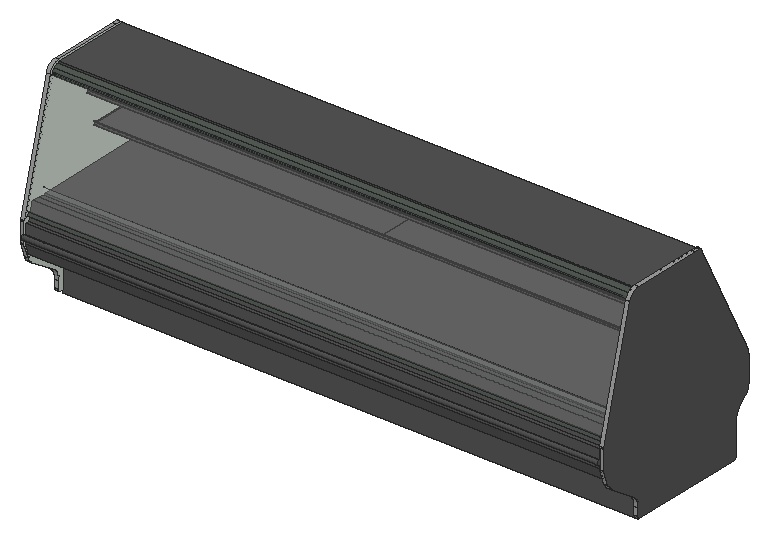
Revit family "ESBDVS_2014", category Specialty Equipment, Revit 2014 (continued)
Connectors (in)
  piping at (-5.05699, -26.25, 15.21482), diameter 1.5, driven by "Waste Drain"
    settings: on Extrusion 1, index 8, connector inside diameter 1 1/4", connector length 0", flow factor 0, pipe flow 0 GPM, pressure drop 0.00 psi, fitting loss kfactor 0, connector angle 0.00°, fixture units 0, engagement length 0", angle of deflection 0.00°, flow configuration 0, flow direction 0, fitting loss method 0, system type 16, joint type 0, gender type 0, connector reference index -1, connector utility 0, adjustable connector no, is connector primary yes, connector description "1 1/4\""
  piping at (58.50551, -29.375, 0), diameter 0.875, driven by "Refrig. Suction", driven by "Refrigeration Lines Suction"
    settings: on Extrusion 2, index 9, connector inside diameter 7/8", connector length 0", flow factor 0, pipe flow 0 GPM, pressure drop 0.00 psi, fitting loss kfactor 0, connector angle 0.00°, fixture units 0, engagement length 0", angle of deflection 0.00°, flow configuration 0, flow direction 2, fitting loss method 0, system type 22, joint type 0, gender type 0, connector reference index -1, connector utility 0, adjustable connector no, is connector primary no, connector description "Suction"
  piping at (59.13051, -29.375, 0), diameter 0.375, driven by "Refrig. Liquid", driven by "Refrigeration Lines Liquid"
    settings: on Extrusion 3, index 10, connector inside diameter 3/8", connector length 0", flow factor 0, pipe flow 0 GPM, pressure drop 0.00 psi, fitting loss kfactor 0, connector angle 0.00°, fixture units 0, engagement length 0", angle of deflection 0.00°, flow configuration 0, flow direction 1, fitting loss method 0, system type 22, joint type 0, gender type 0, connector reference index -1, connector utility 0, adjustable connector no, is connector primary no, connector description "Liquid"
Definition of nested family "Floor Support - E Series"
  Parameters (values of type "Floor Support - E Series")
    Width = 4"
    URL = "www.hussmann.com"
    Type Comments = ""
    Revit Family Date = "5/12/2016"
    Model = ""
    Manufacturer = "Hussmann Corporation"
    Height = 15.4495"
    Floor Support = none
    Description = ""
    Depth = 26.382"
    Assembly Code = ""
    Accessories/Options = ""
  Reference planes (in)
    plane 1 "Back": y = -2.993
    plane 2 "Bottom": z = 0
    plane 3 "Top": z = 15.4495
    plane 4 "Front": y = -29.375
    plane 5 "Center (Left/Right)": x = -0.61949
    plane 6 "Left": x = -2.61949
    plane 7 "Right": x = 1.38051
  Forms (in)
    Extrusion 1, solid, material <- "Floor Support"
      sketch origin (0, 0, 0) x (1, 0, 0) y (0, 1, 0)
        loop
          line (-2.61949, -6.062) -> (-2.61949, -6.187) -> (-1.74449, -6.187) -> (-1.74449, -3.118) -> (0.50551, -3.118) -> (0.50551, -6.187) -> (1.38051, -6.187) -> (1.38051, -6.062) -> (0.63051, -6.062) -> (0.63051, -2.993) -> (-1.86949, -2.993) -> (-1.86949, -6.062) -> (-2.61949, -6.062)
        loop
          line (-2.61949, -26.306) -> (-1.86949, -26.306) -> (-1.86949, -29.375) -> (0.63051, -29.375) -> (0.63051, -26.306) -> (1.38051, -26.306) -> (1.38051, -26.181) -> (0.50551, -26.181) -> (0.50551, -29.25) -> (-1.74449, -29.25) -> (-1.74449, -26.181) -> (-2.61949, -26.181) -> (-2.61949, -26.306)
      from 0.6875 to 15.4495
    Extrusion 2, solid, material <- "Floor Support"
      sketch origin (0, 0, 0) x (1, 0, 0) y (0, 1, 0)
        loop
          circle (-0.61949, -3.519) r 0.3125
        loop
          circle (-0.61949, -28.592) r 0.3125
      from 0 to 0.5625
    Extrusion 3, solid, material <- "Floor Support"
      sketch origin (0, 0, 0) x (1, 0, 0) y (0, 1, 0)
        loop
          circle (-0.61949, -28.592) r 0.5
        loop
          circle (-0.61949, -3.519) r 0.5
      from 0.5625 to 0.6875
    Extrusion 4, solid, material <- "Floor Support"
      sketch origin (0, 0, 0) x (1, 0, 0) y (0, 1, 0)
        loop
          line (-1.74449, -3.118) -> (-1.74449, -29.25) -> (0.50551, -29.25) -> (0.50551, -3.118) -> (-1.74449, -3.118)
      from 12.56949 to 15.4495
  Dimensions and locks (in)
    "Depth": plane 4 "Front" to plane 1 "Back"
    "Height": plane 3 "Top" to level
    equal spacing: plane 6 "Left", plane 5 "Center (Left/Right)", plane 7 "Right"
    "Width": plane 6 "Left" to plane 7 "Right"
    aligned and locked: Extrusion 4 to plane 3 "Top"
    aligned and locked: Extrusion 1 to plane 3 "Top"
  Automatic sketch dimensions
    plane 1 "Back" to Extrusion 1 sketch curve = 0"
    Extrusion 1 sketch curve to Extrusion 1 sketch curve = 1/8"  (x9)
    plane 1 "Back" to Extrusion 1 sketch curve = 1/8"
    Extrusion 1 sketch curve to Extrusion 1 sketch curve = 0"  (x2)
    Extrusion 1 sketch curve to plane 6 "Left" = 0"  (x2)
    plane 6 "Left" to Extrusion 1 sketch curve = 3/4"  (x2)
    Extrusion 1 sketch curve to plane 7 "Right" = 0"  (x2)
    Extrusion 1 sketch curve to plane 7 "Right" = 7/8"
    Extrusion 1 sketch curve to Extrusion 1 sketch curve = 7/8"
    Extrusion 3 sketch curve to plane 5 "Center (Left/Right)" = 0"  (x2)
    plane 4 "Front" to Extrusion 4 sketch curve = 1/8"
    plane 6 "Left" to Extrusion 4 sketch curve = 7/8"
    Extrusion 4 sketch curve to plane 7 "Right" = 7/8"
    plane 1 "Back" to Extrusion 4 sketch curve = 1/8"
    Extrusion 1 sketch curve to plane 4 "Front" = 0"
    Extrusion 1 sketch curve to Extrusion 1 sketch curve = 2.944"
    plane 4 "Front" to Extrusion 3 sketch curve = 0.783"
    Extrusion 1 sketch curve to Extrusion 1 sketch curve = 3.069"
    plane 1 "Back" to Extrusion 3 sketch curve = 0.526"
    radius of Extrusion 3 sketch curve = 1/2"  (x2)
Definition of nested family "Service Doors - 117deg - 48"
  Parameters (values of type "Service Doors - 117deg - 48")
    Glazing = Glass
    Door Frame = none
  Reference planes (in)
    plane 1 "Center (Front/Back)": y = 25.29918
    plane 2: z = 0
    plane 3 "Center (Left/Right)": x = 0
  Forms (in)
    Sweep 1, solid, material <- "Door Frame"
      path in 3D
        loop
          line (48, 12.47395, 49.89806) -> (0, 12.47395, 49.89806) -> (0, 25.29918, 24.72713) -> (48, 25.29918, 24.72713) -> (48, 12.47395, 49.89806)
      profile origin (24, 12.47395, 49.89806) x (0, -0.999433, -0.03367) y (0, -0.03367, 0.999433)
        loop
          line (0.21162, -0.099) -> (0, 0) -> (-0.6356, -1.35868) -> (1.40139, -2.3116) -> (1.82513, -1.40581) -> (0.01501, -0.55903) -> (0.21162, -0.099)
    Extrusion 2, solid, material <- "Door Frame"
      sketch origin (1.5, 11.15118, 47.54059) x (0, 0.45399, -0.891007) y (0, 0.891007, 0.45399)
        loop
          line (0, 0.25) -> (25.25, 0.25) -> (25.25, 1.0625) -> (0, 1.0625) -> (0, 0.25)
      from 0 to 23
    Extrusion 3, solid, material <- "Door Frame"
      sketch origin (46.5, 22.61444, 25.04267) x (0, -0.45399, 0.891007) y (0, 0.891007, 0.45399)
        loop
          line (25.25, 1.875) -> (0, 1.875) -> (0, 1.0625) -> (25.25, 1.0625) -> (25.25, 1.875)
      from 0 to 23
    Extrusion 4, void
      sketch origin (46.5, 13.11976, 47.80708) x (0, -0.45399, 0.891007) y (-1, 0, 0)
        loop
          line (-23.09373, 21.5) -> (-23.09373, 1.5) -> (-0.84373, 1.5) -> (-0.84373, 21.5) -> (-23.09373, 21.5)
      from 0 to 0.8125
    Extrusion 5, void
      sketch origin (1.5, 11.1405, 48.11223) x (0, -0.45399, 0.891007) y (1, 0, 0)
        loop
          line (-2.01418, 21.5) -> (-24.26418, 21.5) -> (-24.26418, 1.5) -> (-2.01418, 1.5) -> (-2.01418, 21.5)
      from 0 to 0.8125
    Extrusion 6, solid, material "Glass" <- "Glazing"
      sketch origin (25, 24.28508, 25.8939) x (0, -0.45399, 0.891007) y (0, -0.891007, -0.45399)
        loop
          line (1.5, 0.1875) -> (25.25, 0.1875) -> (25.25, 0.625) -> (1.5, 0.625) -> (1.5, 0.1875)
      from 0 to 20
    Extrusion 7, solid, material "Glass" <- "Glazing"
      sketch origin (23, 11.37393, 47.65408) x (0, 0.45399, -0.891007) y (0, -0.891007, -0.45399)
        loop
          line (1.5, -0.625) -> (25.25, -0.625) -> (25.25, -0.1875) -> (1.5, -0.1875) -> (1.5, -0.625)
      from 0 to 20
  Cuts and joins
    Extrusion 4 cuts Extrusion 3
    Extrusion 5 cuts Extrusion 2
  Lines and regions (in)
    sketch lines
      curve 1: line (48, 25.29918, 24.72713) -> (48, 12.47395, 49.89806)
      curve 2: line (0, 12.47395, 49.89806) -> (0, 25.29918, 24.72713)
      curve 3: line (48, 12.47395, 49.89806) -> (0, 12.47395, 49.89806)
      curve 4: line (48, 25.29918, 24.72713) -> (0, 25.29918, 24.72713)
  Dimensions and locks (in)
    Extrusion 2 to Extrusion 3 = 45"
    plane 3 "Center (Left/Right)" to Sweep 1 = 48"
    Sweep 1 to Sweep 1 = 1 1/2"
    locked: cut or joined group of Extrusion 3, Extrusion 4 to Extrusion 4 sketch curve at 1.5
    locked: Extrusion 5 sketch curve to cut or joined group of Extrusion 2, Extrusion 5 at 1.5
    Sweep 1 to Sweep 1 = 28 1/4"
    locked: cut or joined group of Extrusion 2, Extrusion 5 to Extrusion 5 sketch curve at 1.5  (x2)
    locked: Sweep 1 to Extrusion 5 sketch curve at 1.5
    locked: Extrusion 4 sketch curve to Sweep 1 at 1.5  (x3)
    Sweep 1 to Sweep 1 = 45"
    angle level to Sweep 1 = 117.00°
    aligned and locked: plane 2 to level
    aligned and locked: Extrusion 3 to Sweep 1  (x3)
    aligned and locked: Extrusion 2 to Sweep 1
    aligned and locked: Extrusion 6 to cut or joined group of Extrusion 3, Extrusion 4
    aligned and locked: cut or joined group of Extrusion 3, Extrusion 4 to Extrusion 6
    aligned and locked: cut or joined group of Extrusion 2, Extrusion 5 to Extrusion 7
    aligned and locked: plane 1 "Center (Front/Back)" to Sweep 1
    aligned and locked: Sweep 1 to Extrusion 2 sketch curve  (x2)
    aligned and locked: cut or joined group of Extrusion 2, Extrusion 5 to Extrusion 7 sketch curve
    aligned and locked: Extrusion 7 sketch curve to Sweep 1
    aligned and locked: Sweep 1 to Extrusion 3 sketch curve  (x2)
    aligned and locked: Extrusion 6 sketch curve to Sweep 1
    aligned and locked: Extrusion 6 sketch curve to cut or joined group of Extrusion 3, Extrusion 4
Definition of nested family "Service Doors - 117deg - 72"
  Parameters (values of type "Service Doors - 117deg - 72")
    Glazing = none
    Door Frame = none
  Reference planes (in)
    plane 1 "Center (Front/Back)": y = 25.29918
    plane 2: z = 0
    plane 3 "Center (Left/Right)": x = 0
  Forms (in)
    Sweep 1, solid, material <- "Door Frame"
      path in 3D
        loop
          line (72, 12.47395, 49.89806) -> (0, 12.47395, 49.89806) -> (0, 25.29918, 24.72713) -> (72, 25.29918, 24.72713) -> (72, 12.47395, 49.89806)
      profile origin (36, 12.47395, 49.89806) x (0, -0.999433, -0.03367) y (0, -0.03367, 0.999433)
        loop
          line (0.21162, -0.099) -> (0, 0) -> (-0.6356, -1.35868) -> (1.40139, -2.3116) -> (1.82513, -1.40581) -> (0.01501, -0.55903) -> (0.21162, -0.099)
    Extrusion 2, solid, material <- "Door Frame"
      sketch origin (1.5, 11.15118, 47.54059) x (0, 0.45399, -0.891007) y (0, 0.891007, 0.45399)
        loop
          line (0, 0.25) -> (25.25, 0.25) -> (25.25, 1.0625) -> (0, 1.0625) -> (0, 0.25)
      from 0 to 35
    Extrusion 3, solid, material <- "Door Frame"
      sketch origin (70.5, 22.61444, 25.04267) x (0, -0.45399, 0.891007) y (0, 0.891007, 0.45399)
        loop
          line (25.25, 1.875) -> (0, 1.875) -> (0, 1.0625) -> (25.25, 1.0625) -> (25.25, 1.875)
      from 0 to 35
    Extrusion 4, void
      sketch origin (70.5, 13.11976, 47.80708) x (0, -0.45399, 0.891007) y (-1, 0, 0)
        loop
          line (-23.09373, 33.5) -> (-23.09373, 1.5) -> (-0.84373, 1.5) -> (-0.84373, 33.5) -> (-23.09373, 33.5)
      from 0 to 0.8125
    Extrusion 5, void
      sketch origin (1.5, 11.1405, 48.11223) x (0, -0.45399, 0.891007) y (1, 0, 0)
        loop
          line (-2.01418, 33.5) -> (-24.26418, 33.5) -> (-24.26418, 1.5) -> (-2.01418, 1.5) -> (-2.01418, 33.5)
      from 0 to 0.8125
    Extrusion 6, solid, material <- "Glazing"
      sketch origin (37, 24.28508, 25.8939) x (0, -0.45399, 0.891007) y (0, -0.891007, -0.45399)
        loop
          line (1.5, 0.1875) -> (25.25, 0.1875) -> (25.25, 0.625) -> (1.5, 0.625) -> (1.5, 0.1875)
      from 0 to 32
    Extrusion 7, solid, material <- "Glazing"
      sketch origin (35, 11.37393, 47.65408) x (0, 0.45399, -0.891007) y (0, -0.891007, -0.45399)
        loop
          line (1.5, -0.625) -> (25.25, -0.625) -> (25.25, -0.1875) -> (1.5, -0.1875) -> (1.5, -0.625)
      from 0 to 32
  Cuts and joins
    Extrusion 4 cuts Extrusion 3
    Extrusion 5 cuts Extrusion 2
  Lines and regions (in)
    sketch lines
      curve 1: line (72, 25.29918, 24.72713) -> (72, 12.47395, 49.89806)
      curve 2: line (0, 12.47395, 49.89806) -> (0, 25.29918, 24.72713)
      curve 3: line (72, 12.47395, 49.89806) -> (0, 12.47395, 49.89806)
      curve 4: line (72, 25.29918, 24.72713) -> (0, 25.29918, 24.72713)
  Dimensions and locks (in)
    Extrusion 2 to Extrusion 3 = 69"
    plane 3 "Center (Left/Right)" to Sweep 1 = 72"
    Sweep 1 to Sweep 1 = 1 1/2"
    locked: cut or joined group of Extrusion 3, Extrusion 4 to Extrusion 4 sketch curve at 1.5
    locked: Extrusion 5 sketch curve to cut or joined group of Extrusion 2, Extrusion 5 at 1.5
    Sweep 1 to Sweep 1 = 28 1/4"
    locked: cut or joined group of Extrusion 2, Extrusion 5 to Extrusion 5 sketch curve at 1.5  (x2)
    locked: Sweep 1 to Extrusion 5 sketch curve at 1.5
    locked: Extrusion 4 sketch curve to Sweep 1 at 1.5  (x3)
    Sweep 1 to Sweep 1 = 69"
    angle level to Sweep 1 = 117.00°
    aligned and locked: plane 2 to level
    aligned and locked: Extrusion 3 to Sweep 1  (x3)
    aligned and locked: Extrusion 2 to Sweep 1
    aligned and locked: Extrusion 6 to cut or joined group of Extrusion 3, Extrusion 4
    aligned and locked: cut or joined group of Extrusion 3, Extrusion 4 to Extrusion 6
    aligned and locked: cut or joined group of Extrusion 2, Extrusion 5 to Extrusion 7
    aligned and locked: plane 1 "Center (Front/Back)" to Sweep 1
    aligned and locked: Sweep 1 to Extrusion 2 sketch curve  (x2)
    aligned and locked: cut or joined group of Extrusion 2, Extrusion 5 to Extrusion 7 sketch curve
    aligned and locked: Extrusion 7 sketch curve to Sweep 1
    aligned and locked: Sweep 1 to Extrusion 3 sketch curve  (x2)
    aligned and locked: Extrusion 6 sketch curve to Sweep 1
    aligned and locked: Extrusion 6 sketch curve to cut or joined group of Extrusion 3, Extrusion 4
Definition of nested family "Shelf - E Series"
  Parameters (values of type "18"")
    Width = 1/4"
    Shelf Bracket = Sheet Metal (Steel Painted) - 701 Black
    Height = 4.89591"
    Depth = 18"
  Types (5): name | Depth
    18" | 18"
    12" | 12"
    16" | 16"
    22" | 22"
    14" | 14"
  Reference planes (in)
    plane 1 "Back": y = 0
    plane 2: z = 0
    plane 3 "Left": x = 0
    plane 4 "Front": y = -18
    plane 5 "Right": x = 0.25
    plane 6: z = 4.89591
    plane 7 "Center (Left/Right)": x = 0.125
  Forms (in)
    Extrusion 1, solid, material "Sheet Metal (Steel Painted) - 701 Black" <- "Shelf Bracket"
      sketch origin (0, 0, 0) x (0, 1, 0) y (0, 0, 1)
        loop
          line (0.07326, 0.26836) -> (0.18143, 0.26875)
          arc (0.18143, 0.26875) -> (0.3025, 0.36199) -> (0.24317, 0.50282) r 0.12517
          line (0.24317, 0.50282) -> (-0.04494, 0.66605)
          arc (-0.04494, 0.66605) -> (-0.07187, 0.69679) -> (-0.07382, 0.7376) r 0.062
          line (-0.07382, 0.7376) -> (0.10406, 1.33811) -> (0.09305, 2.59922) -> (0.01772, 3.20416)
          arc (0.01772, 3.20416) -> (0.03288, 3.25348) -> (0.07981, 3.27494) r 0.063
          line (0.07981, 3.27494) -> (0.15806, 3.27547) -> (0.15929, 3.09434) -> (0.56271, 3.06679) -> (0.68212, 3.03122) -> (0.63408, 2.86666) -> (1.2983, 2.73359) -> (1.40516, 2.66752) -> (1.32096, 2.53134) -> (1.94726, 2.21454) -> (2.03229, 2.12435) -> (1.91623, 2.01494)
          arc (1.91623, 2.01494) -> (2.32601, 2.00181) -> (2.34025, 2.41156) r 0.2903
          arc (2.34025, 2.41156) -> (1.62913, 3.00885) -> (0.79406, 3.41517) r 3.78823
          arc (0.79406, 3.41517) -> (0.76115, 3.40549) -> (0.74067, 3.43301) r 0.03
          arc (0.74067, 3.43301) -> (0.42541, 3.52091) -> (0.10373, 3.58126) r 3.78823
          arc (0.10373, 3.58126) -> (0.02969, 3.62316) -> (-0.00038, 3.70274) r 0.125
          line (-0.00038, 3.70274) -> (-0.01867, 4.21036)
          arc (-0.01867, 4.21036) -> (-0.00134, 4.25606) -> (0.04347, 4.27562) r 0.063
          line (0.04347, 4.27562) -> (0.14916, 4.277) -> (0.15148, 4.09933) -> (0.8496, 4.03037) -> (0.96839, 3.99481) -> (0.92223, 3.84061) -> (1.16715, 3.78222)
          arc (1.16715, 3.78222) -> (1.31884, 3.92198) -> (1.24674, 4.11523) r 0.18489
          arc (1.24674, 4.11523) -> (0.5579, 4.49791) -> (-0.2, 4.71364) r 3.43695
          arc (-0.2, 4.71364) -> (-0.21607, 4.71919) -> (-0.23121, 4.72694) r 0.121
          line (-0.23121, 4.72694) -> (-0.23121, 4.89591) -> (-18, 4.89591) -> (-18, 4.52233)
          spline (-18, 4.52233) -> (-17.99893, 4.50603) -> (-17.99574, 4.49) -> (-17.99049, 4.47453) -> (-17.98325, 4.45987) -> (-17.97417, 4.44628) -> (-17.96339, 4.434) -> (-17.9511, 4.42322) -> (-17.9375, 4.41415) -> (-17.92284, 4.40692) -> (-17.90735, 4.40167) -> (-17.89132, 4.39848) -> (-17.875, 4.39741)
          line (-17.875, 4.39741) -> (-16.09303, 4.39741)
          spline (-16.09303, 4.39741) -> (-16.07672, 4.39634) -> (-16.06068, 4.39315) -> (-16.0452, 4.3879) -> (-16.03053, 4.38067) -> (-16.01694, 4.37159) -> (-16.00465, 4.36082) -> (-15.99387, 4.34853) -> (-15.98478, 4.33495) -> (-15.97755, 4.32029) -> (-15.9723, 4.30482) -> (-15.96911, 4.28879) -> (-15.96804, 4.27249)
          line (-15.96804, 4.27249) -> (-15.96804, 3.92271)
          spline (-15.96804, 3.92271) -> (-15.96697, 3.9064) -> (-15.96378, 3.89037) -> (-15.95852, 3.8749) -> (-15.95129, 3.86025) -> (-15.94221, 3.84666) -> (-15.93142, 3.83437) -> (-15.91913, 3.8236) -> (-15.90554, 3.81452) -> (-15.89087, 3.80729) -> (-15.87539, 3.80204) -> (-15.85935, 3.79885) -> (-15.84304, 3.79779)
          line (-15.84304, 3.79779) -> (-3.71618, 3.79779)
          arc (-3.71618, 3.79779) -> (-2.98005, 3.43429) -> (-2.45199, 2.80567) r 1.99996
          line (-2.45199, 2.80567) -> (-1.47212, 0.97726)
          arc (-1.47212, 0.97726) -> (-1.05125, 0.43902) -> (-0.47377, 0.07386) r 1.99996
          line (-0.47377, 0.07386) -> (-0.29521, 0) -> (-0.24369, 0.17221) -> (0.07446, 0.09812) -> (0.07326, 0.26836)
      from 0 to 0.25
  Dimensions and locks (in)
    "Depth": plane 4 "Front" to plane 1 "Back"
    locked: Extrusion 1 sketch curve to plane 1 "Back" at 3.71618
    locked: plane 4 "Front" to Extrusion 1 sketch curve at 2.03196
    "Width": plane 5 "Right" to plane 3 "Left"
    "Height": plane 6 to level
    equal spacing: plane 3 "Left", plane 7 "Center (Left/Right)", plane 5 "Right"
    aligned and locked: plane 2 to level
    aligned and locked: Extrusion 1 to plane 3 "Left"
    aligned and locked: plane 5 "Right" to Extrusion 1
    aligned and locked: Extrusion 1 sketch curve to plane 4 "Front"
  Automatic sketch dimensions
    Extrusion 1 sketch curve to Extrusion 1 sketch curve = 0"  (x2)
    Extrusion 1 sketch curve to level = 0"
    Extrusion 1 sketch curve to plane 4 "Front" = 1/8"
    Extrusion 1 sketch curve to Extrusion 1 sketch curve = 1/8"  (x2)
    Extrusion 1 sketch curve to Extrusion 1 sketch curve = 0.49859"
    Extrusion 1 sketch curve to Extrusion 1 sketch curve = 1.26419"
    plane 1 "Back" to Extrusion 1 sketch curve = 1.47212"
    plane 1 "Back" to Extrusion 1 sketch curve = 0.75578"
    level to Extrusion 1 sketch curve = 0.07386"
    plane 1 "Back" to Extrusion 1 sketch curve = 0.47377"
    Extrusion 1 sketch curve to Extrusion 1 sketch curve = 0.0404"
    Extrusion 1 sketch curve to Extrusion 1 sketch curve = 0.17856"
    Extrusion 1 sketch curve to Extrusion 1 sketch curve = 0.05152"
    plane 1 "Back" to Extrusion 1 sketch curve = 0.07382"
    plane 1 "Back" to Extrusion 1 sketch curve = 0.04494"
    plane 1 "Back" to Extrusion 1 sketch curve = 0.01867"
    plane 1 "Back" to Extrusion 1 sketch curve = 0.01438"
    plane 1 "Back" to Extrusion 1 sketch curve = 0.00038"
    Extrusion 1 sketch curve to plane 1 "Back" = 0.01772"
    Extrusion 1 sketch curve to plane 1 "Back" = 0.04347"
    Extrusion 1 sketch curve to plane 1 "Back" = 0.04429"
    Extrusion 1 sketch curve to plane 1 "Back" = 0.07326"
    Extrusion 1 sketch curve to plane 1 "Back" = 0.07446"
    Extrusion 1 sketch curve to plane 1 "Back" = 0.07981"
    Extrusion 1 sketch curve to Extrusion 1 sketch curve = 1/16"
    Extrusion 1 sketch curve to plane 1 "Back" = 0.09305"
    Extrusion 1 sketch curve to plane 1 "Back" = 0.10406"
    Extrusion 1 sketch curve to plane 1 "Back" = 0.1246"
    Extrusion 1 sketch curve to Extrusion 1 sketch curve = 0.10569"
    Extrusion 1 sketch curve to plane 1 "Back" = 0.15148"
    Extrusion 1 sketch curve to Extrusion 1 sketch curve = 0.07825"
    Extrusion 1 sketch curve to Extrusion 1 sketch curve = 0.07905"
    Extrusion 1 sketch curve to Extrusion 1 sketch curve = 0.10816"
    Extrusion 1 sketch curve to Extrusion 1 sketch curve = 0.00004"
    Extrusion 1 sketch curve to Extrusion 1 sketch curve = 0.0617"
    Extrusion 1 sketch curve to plane 1 "Back" = 0.29066"
    Extrusion 1 sketch curve to Extrusion 1 sketch curve = 0.40342"
    Extrusion 1 sketch curve to Extrusion 1 sketch curve = 0.07136"
    Extrusion 1 sketch curve to Extrusion 1 sketch curve = 0.11941"
    Extrusion 1 sketch curve to Extrusion 1 sketch curve = 0.08854"
    Extrusion 1 sketch curve to Extrusion 1 sketch curve = 0.07895"
    Extrusion 1 sketch curve to Extrusion 1 sketch curve = 0.07263"
    Extrusion 1 sketch curve to Extrusion 1 sketch curve = 0.11879"
    Extrusion 1 sketch curve to Extrusion 1 sketch curve = 0.17062"
    Extrusion 1 sketch curve to Extrusion 1 sketch curve = 0.02814"
    Extrusion 1 sketch curve to Extrusion 1 sketch curve = 0.66423"
    Extrusion 1 sketch curve to Extrusion 1 sketch curve = 0.02266"
    Extrusion 1 sketch curve to Extrusion 1 sketch curve = 0.10686"
    Extrusion 1 sketch curve to Extrusion 1 sketch curve = 0.59526"
    Extrusion 1 sketch curve to Extrusion 1 sketch curve = 0.03103"
    Extrusion 1 sketch curve to Extrusion 1 sketch curve = 0.08503"
    Extrusion 1 sketch curve to Extrusion 1 sketch curve = 0.09542"
    Extrusion 1 sketch curve to level = 0.16869"
    level to Extrusion 1 sketch curve = 0.09812"
    level to Extrusion 1 sketch curve = 0.17221"
    Extrusion 1 sketch curve to Extrusion 1 sketch curve = 0.17024"
    Extrusion 1 sketch curve to Extrusion 1 sketch curve = 0.00039"
    Extrusion 1 sketch curve to Extrusion 1 sketch curve = 0.12517"
    Extrusion 1 sketch curve to Extrusion 1 sketch curve = 0.16323"
    Extrusion 1 sketch curve to Extrusion 1 sketch curve = 0.05394"
    level to Extrusion 1 sketch curve = 0.97726"
    Extrusion 1 sketch curve to Extrusion 1 sketch curve = 0.34466"
    Extrusion 1 sketch curve to Extrusion 1 sketch curve = 0.58386"
    level to Extrusion 1 sketch curve = 1.86097"
    Extrusion 1 sketch curve to Extrusion 1 sketch curve = 0.09298"
    Extrusion 1 sketch curve to Extrusion 1 sketch curve = 0.1094"
    Extrusion 1 sketch curve to Extrusion 1 sketch curve = 0.08948"
    Extrusion 1 sketch curve to Extrusion 1 sketch curve = 0.09019"
    Extrusion 1 sketch curve to Extrusion 1 sketch curve = 0.3168"
    Extrusion 1 sketch curve to Extrusion 1 sketch curve = 0.67726"
    Extrusion 1 sketch curve to Extrusion 1 sketch curve = 0.13618"
    Extrusion 1 sketch curve to Extrusion 1 sketch curve = 0.06608"
    Extrusion 1 sketch curve to Extrusion 1 sketch curve = 0.9447"
    Extrusion 1 sketch curve to Extrusion 1 sketch curve = 0.26744"
    Extrusion 1 sketch curve to Extrusion 1 sketch curve = 0.16455"
    Extrusion 1 sketch curve to Extrusion 1 sketch curve = 0.03558"
    Extrusion 1 sketch curve to Extrusion 1 sketch curve = 0.02755"
    Extrusion 1 sketch curve to Extrusion 1 sketch curve = 0.10981"
    Extrusion 1 sketch curve to Extrusion 1 sketch curve = 0.00778"
    Extrusion 1 sketch curve to Extrusion 1 sketch curve = 0.40272"
    Extrusion 1 sketch curve to Extrusion 1 sketch curve = 0.4278"
    Extrusion 1 sketch curve to Extrusion 1 sketch curve = 0.00177"
    Extrusion 1 sketch curve to Extrusion 1 sketch curve = 0.34828"
    Extrusion 1 sketch curve to Extrusion 1 sketch curve = 0.0584"
    Extrusion 1 sketch curve to Extrusion 1 sketch curve = 0.18274"
    Extrusion 1 sketch curve to Extrusion 1 sketch curve = 0.15419"
    Extrusion 1 sketch curve to Extrusion 1 sketch curve = 0.03556"
    Extrusion 1 sketch curve to Extrusion 1 sketch curve = 0.39482"
    Extrusion 1 sketch curve to Extrusion 1 sketch curve = 0.11103"
    Extrusion 1 sketch curve to Extrusion 1 sketch curve = 0.00227"
    Extrusion 1 sketch curve to Extrusion 1 sketch curve = 0.4747"
    Extrusion 1 sketch curve to Extrusion 1 sketch curve = 0.0312"
    Extrusion 1 sketch curve to plane 1 "Back" = 0.10373"
    Extrusion 1 sketch curve to Extrusion 1 sketch curve = 0.02999"
    Extrusion 1 sketch curve to Extrusion 1 sketch curve = 0.0234"
    Extrusion 1 sketch curve to Extrusion 1 sketch curve = 0.12492"  (x3)
    Extrusion 1 sketch curve to plane 6 = 0"
    plane 1 "Back" to Extrusion 1 sketch curve = 0.23121"
    Extrusion 1 sketch curve to Extrusion 1 sketch curve = 0.06258"
    Extrusion 1 sketch curve to Extrusion 1 sketch curve = 0.16897"
    Extrusion 1 sketch curve to plane 6 = 0.06541"
Definition of nested family "Light"
  Parameters (values of type "Light")
    Wattage = 16.1571 W
    built-in parameter 1150110 = 1 (stored number, unit not read)
    built-in parameter 1114217 = 1 (stored number, unit not read)
    built-in parameter 1150109 = 1 (stored number, unit not read)
    built-in parameter 1150134 = (empty or 0)
    built-in parameter 1150113 = 1 (stored number, unit not read)
    Lumens = 2400 lm
    built-in parameter 1150115 = 1 (stored number, unit not read)
    built-in parameter 1150105 = 763.94 (stored number, unit not read)
    Light Source Symbol Size = 24"
    built-in parameter 1150137 = (empty or 0)
    built-in parameter 1150139 = (empty or 0)
    Lense = none
    Length = 144"
    built-in parameter 1150112 = 1 (stored number, unit not read)
    built-in parameter 1150114 = 1 (stored number, unit not read)
    built-in parameter 1150132 = 2
    built-in parameter 1150102 = (empty or 0)
    built-in parameter 1150138 = (empty or 0)
    built-in parameter 1150107 = 6100 (stored number, unit not read)
    built-in parameter 1150106 = 7.6394 (stored number, unit not read)
    Emit from Line Length = Length  # 144"
    built-in parameter 1150104 = 13.8 (stored number, unit not read)
    Dimming Lamp Color Temperature Shift = (empty or 0)
    Color Filter = 16777215
    Casing = none
    built-in parameter 1114218 = 1 (stored number, unit not read)
    built-in parameter 1150133 = 10 (stored number, unit not read)
  Reference planes (in)
    plane 1 "Light Source Axis (F/B)": y = -8.60801
    plane 2: z = 0
    plane 3 "Light Source Axis (L/R)": x = 0
    plane 4 "Light Source Elevation": z = 52.5
    plane 5: z = 0
    plane 6 "Left": x = -72
    plane 7 "Right": x = 72
  Lines and regions (in)
    model lines
      curve 1: line (-72, -8.60801, 52.5) -> (72, -8.60801, 52.5)
  Dimensions and locks (in)
    equal spacing: plane 7 "Right", plane 3 "Light Source Axis (L/R)", plane 6 "Left"
    "Length": plane 7 "Right" to plane 6 "Left"
    aligned and locked: plane 3 "Light Source Axis (L/R)" to imposter light
    aligned and locked: plane 1 "Light Source Axis (F/B)" to imposter light
    aligned and locked: plane 4 "Light Source Elevation" to imposter light
    aligned and locked: level to plane 5
  Automatic sketch dimensions
    plane 1 "Light Source Axis (F/B)" to curve 1 = 0"
    curve 1 to plane 6 "Left" = 0"
    curve 1 to plane 7 "Right" = 0"
Types (4): name | Width | Total Weight | Number of Supports | Number of Shelf Supports | Location of Drain | Cutsheet URL | Case Weight | 8 Case | 6 Case | 4 Case | 12 Case
  12'-0" Length | 144 1/2" | 1400.00 lbf | 4 | 3 | 72 1/4" | "http://www.hussmann.com/en/Technical%20Documents/0522308_B_ESBDVS.pdf" | 1200.00 lbf | no | no | no | yes
  6'-0" Length | 72 3/8" | 900.00 lbf | 3 | 2 | 24 1/8" | "http://www.hussmann.com/en/Technical%20Documents/0522308_B_ESBDVS.pdf" | 700.00 lbf | no | yes | no | no
  8'-0" Length | 96 3/8" | 1300.00 lbf | 3 | 3 | 24 1/8" | "http://www.hussmann.com/en/Technical%20Documents/0522308_B_ESBDVS.pdf" | 1100.00 lbf | yes | no | no | no
  4'-0" Length | 48 1/4" | 800.00 lbf | 2 | 2 | 24 1/8" | "http://www.hussmann.com/en/Technical%20Documents/0522306_B_ESBDS.pdf" | 600.00 lbf | no | no | yes | no
